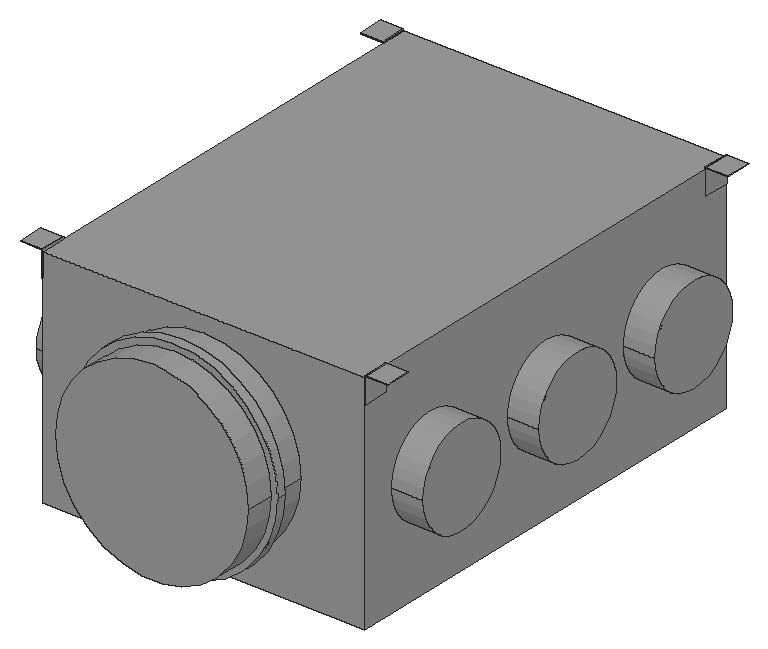
Revit family "SA_FASU(F6-150 300Φ)", category ダクト付属品, Revit 2022
Family settings
  丸型コネクタ寸法 = 直径を使用
  パーツ タイプ = ダンパー
  OmniClass 番号 = 23.75.00.00
  OmniClass タイトル = Climate Control (HVAC)
  作業面ベース = いいえ
  常に垂直 = はい
  ロード時にボイドで切り取り = いいえ
  共有 = いいえ
Parameters
  高さ = 350 mm
  風量 = 0.0 L/s
  符号 = "FASU"
  形式 = "F6-150 300φ"
  幅 [instance] = 500 mm
  奥行き = 700 mm
  大きさ = 250 mm
  呼称 = "FASUチャンバー"
  付属品_下端レベル [instance] = 0 mm
  マテリアル [instance] = 既定値
  ダクト_イン = 300 mm
  ダクト_アウト = 150 mm
  既定の高さ = 0 mm
Reference planes
  plane 1 "中心(正面/背面)": y = 0
  plane 2: z = 0
  plane 3 "中心(左/右)": x = 0
  plane 4: x = -250
  plane 5: x = 250
  plane 6: y = -700
  plane 7: z = 350
  plane 8: z = 175
  plane 9: z = 266.963
  plane 10: z = 86.159
  plane 11: x = -251
  plane 12: z = 313.122
  plane 13: z = 352.122
  plane 14: y = -350
Forms (mm)
  Extrusion 1, solid, material "既定値" <- "マテリアル"
    sketch origin (0, 0, 0) x (1, 0, 0) y (0, 1, 0)
      loop
        line (-250, 0) -> (-250, -700) -> (250, -700) -> (250, 0) -> (-250, 0)
    from 0 to 350
  Extrusion 2, solid, material "既定値" <- "マテリアル"
    sketch origin (0, -30, 0) x (1, 0, 0) y (0, 1, 0)
      loop
        line (-250, 30) -> (-251, 30) -> (-251, -10) -> (-250, -10) -> (-250, 30)
    from 313.122 to 350
  Extrusion 3, solid, material "既定値" <- "マテリアル"
    sketch origin (0, -30, 0) x (1, 0, 0) y (0, 1, 0)
      loop
        line (-285, 30) -> (-285, -10) -> (-251, -10) -> (-251, 30) -> (-285, 30)
    from 352.122 to 350
  Extrusion 4, solid, material "既定値" <- "マテリアル"
    sketch origin (0, -30, 0) x (-1, 0, 0) y (0, -1, 0)
      loop
        line (-250, -30) -> (-250, 10) -> (-251, 10) -> (-251, -30) -> (-250, -30)
    from 313.122 to 353.122
  Extrusion 5, solid, material "既定値" <- "マテリアル"
    sketch origin (0, -30, 0) x (-1, 0, 0) y (0, -1, 0)
      loop
        line (-285, -30) -> (-251, -30) -> (-251, 10) -> (-285, 10) -> (-285, -30)
    from 352.122 to 353.122
  Extrusion 6, solid, material "既定値" <- "マテリアル"
    sketch origin (0, -490, 0) x (1, 0, 0) y (0, 1, 0)
      loop
        line (-285, -170) -> (-285, -210) -> (-251, -210) -> (-251, -170) -> (-285, -170)
    from 352.122 to 353.122
  Extrusion 7, solid, material "既定値" <- "マテリアル"
    sketch origin (0, -490, 0) x (1, 0, 0) y (0, 1, 0)
      loop
        line (-250, -170) -> (-251, -170) -> (-251, -210) -> (-250, -210) -> (-250, -170)
    from 313.122 to 353.122
  Extrusion 8, solid, material "既定値" <- "マテリアル"
    sketch origin (0, -490, 0) x (-1, 0, 0) y (0, -1, 0)
      loop
        line (-285, 170) -> (-251, 170) -> (-251, 210) -> (-285, 210) -> (-285, 170)
    from 352.122 to 353.122
  Extrusion 9, solid, material "既定値" <- "マテリアル"
    sketch origin (0, -490, 0) x (-1, 0, 0) y (0, -1, 0)
      loop
        line (-250, 170) -> (-250, 210) -> (-251, 210) -> (-251, 170) -> (-250, 170)
    from 313.122 to 353.122
  Extrusion 10, solid, material "既定値" <- "マテリアル"
    sketch origin (550, -582.5, 0) x (0, -1, 0) y (0, 0, -1)
      loop
        circle (-232.5, -175) r 74.985
    from -300 to -250
  Extrusion 11, solid, material "既定値" <- "マテリアル"
    sketch origin (-550, -582.5, 0) x (0, -1, 0) y (0, 0, 1)
      loop
        circle (-232.5, 175) r 74.985
    from -300 to -250
  Extrusion 12, solid, material "既定値" <- "マテリアル"
    sketch origin (0, -700, 0) x (1, 0, 0) y (0, 0, 1)
      loop
        circle (0, 175) r 150
    from 0 to 42.5
  Extrusion 13, solid, material "既定値" <- "マテリアル"
    sketch origin (0, -743, 0) x (1, 0, 0) y (0, 0, 1)
      loop
        circle (0, 175) r 160
    from -0.5 to 14.5
  Extrusion 14, solid, material "既定値" <- "マテリアル"
    sketch origin (0, -757.5, 0) x (1, 0, 0) y (0, 0, 1)
      loop
        circle (0, 175) r 150
    from 0 to 42.5
  Extrusion 15, solid, material "既定値" <- "マテリアル"
    sketch origin (550, -357.5, 0) x (0, -1, 0) y (0, 0, -1)
      loop
        circle (-232.5, -175) r 74.985
    from -300 to -250
  Extrusion 16, solid, material "既定値" <- "マテリアル"
    sketch origin (-550, -357.5, 0) x (0, -1, 0) y (0, 0, 1)
      loop
        circle (-232.5, 175) r 74.985
    from -300 to -250
  Extrusion 17, solid, material "既定値" <- "マテリアル"
    sketch origin (550, -142.5, 0) x (0, 1, 0) y (0, 0, 1)
      loop
        circle (-432.5, 175) r 74.985
    from -300 to -250
  Extrusion 18, solid, material "既定値" <- "マテリアル"
    sketch origin (0, -142.5, 0) x (0, 1, 0) y (0, 0, 1)
      loop
        circle (-432.5, 175) r 74.985
    from -300 to -250
Lines and regions (mm)
  model lines
    curve 1: line (-250, -30, 0) -> (250, -30, 0)
    curve 2: line (-250, -670, 0) -> (250, -670, 0)
Text (mm)
  text "FASU(F6-150 300Φ)" at (3.713, -630.412, 0), in view "参照レベル"
Dimensions and locks
  equal spacing: plane 4, plane 3 "中心(左/右)", plane 5
  "幅": plane 4 to plane 5
  "奥行き": plane 6 to plane 1 "中心(正面/背面)"
  "高さ": plane 7 to level
  equal spacing: plane 7, plane 8, level
  equal spacing: plane 6, plane 14, plane 1 "中心(正面/背面)"
  aligned and locked: level to plane 2
  aligned and locked: Extrusion 1 sketch curve to plane 5
  aligned and locked: plane 7 to Extrusion 1
  aligned and locked: Extrusion 2 sketch curve to Extrusion 1
  aligned and locked: plane 7 to Extrusion 2
  aligned and locked: Extrusion 3 sketch curve to Extrusion 2
  aligned and locked: Extrusion 2 to Extrusion 3 sketch curve
  aligned and locked: plane 7 to Extrusion 3
  aligned and locked: Extrusion 3 to plane 13
  aligned and locked: Extrusion 4 to Extrusion 5 sketch curve
  aligned and locked: Extrusion 5 sketch curve to Extrusion 4
  aligned and locked: Extrusion 1 to Extrusion 8
  aligned and locked: Extrusion 6 to Extrusion 1
  aligned and locked: Extrusion 7 to Extrusion 1
  aligned and locked: Extrusion 1 to Extrusion 9
  aligned and locked: Extrusion 9 to Extrusion 8
  aligned and locked: Extrusion 7 to Extrusion 6
  aligned and locked: plane 4 to Extrusion 7
  aligned and locked: Extrusion 9 to plane 5
  aligned and locked: plane 4 to curve 1
  aligned and locked: plane 5 to curve 1
  aligned and locked: plane 5 to curve 2
  aligned and locked: Extrusion 1 to Extrusion 3
  aligned and locked: Extrusion 5 to Extrusion 1
  aligned and locked: Extrusion 4 to plane 5
  aligned and locked: Extrusion 1 to plane 6
  aligned and locked: Extrusion 1 to plane 1 "中心(正面/背面)"
  aligned and locked: plane 6 to Extrusion 12
  aligned and locked: Extrusion 15 to plane 5
  aligned and locked: plane 4 to Extrusion 16
  aligned and locked: Extrusion 17 to plane 5
  aligned and locked: plane 4 to Extrusion 18
Automatic sketch dimensions
  curve 2 to plane 4 = 0 mm
  plane 6 to curve 2 = 30 mm
  plane 1 "中心(正面/背面)" to curve 1 = 30 mm
  Extrusion 1 sketch curve to plane 4 = 0 mm
  Extrusion 1 sketch curve to plane 6 = 0 mm
  plane 1 "中心(正面/背面)" to Extrusion 1 sketch curve = 0 mm
  plane 1 "中心(正面/背面)" to Extrusion 2 sketch curve = 0 mm
  Extrusion 2 sketch curve to plane 11 = 0 mm
  Extrusion 2 sketch curve to Extrusion 2 sketch curve = 40 mm
  plane 1 "中心(正面/背面)" to Extrusion 3 sketch curve = 0 mm
  Extrusion 3 sketch curve to Extrusion 3 sketch curve = 34 mm
  plane 1 "中心(正面/背面)" to Extrusion 4 sketch curve = 0 mm
  Extrusion 4 sketch curve to plane 5 = 0 mm
  Extrusion 4 sketch curve to Extrusion 4 sketch curve = 1 mm
  Extrusion 4 sketch curve to Extrusion 4 sketch curve = 40 mm
  plane 1 "中心(正面/背面)" to Extrusion 5 sketch curve = 0 mm
  Extrusion 5 sketch curve to Extrusion 5 sketch curve = 34 mm
  Extrusion 6 sketch curve to plane 6 = 0 mm
  Extrusion 6 sketch curve to plane 11 = 0 mm
  Extrusion 6 sketch curve to plane 11 = 34 mm
  plane 6 to Extrusion 6 sketch curve = 40 mm
  Extrusion 7 sketch curve to plane 11 = 0 mm
  Extrusion 7 sketch curve to plane 4 = 0 mm
  Extrusion 7 sketch curve to plane 6 = 0 mm
  plane 6 to Extrusion 7 sketch curve = 40 mm
  Extrusion 8 sketch curve to plane 6 = 0 mm
  Extrusion 8 sketch curve to plane 5 = 35 mm
  Extrusion 8 sketch curve to plane 5 = 1 mm
  Extrusion 8 sketch curve to Extrusion 8 sketch curve = 40 mm
  Extrusion 9 sketch curve to plane 6 = 0 mm
  Extrusion 9 sketch curve to plane 5 = 0 mm
  Extrusion 9 sketch curve to Extrusion 9 sketch curve = 1 mm
  Extrusion 9 sketch curve to Extrusion 9 sketch curve = 40 mm
  Extrusion 10 sketch curve to plane 8 = 0 mm
  Extrusion 10 sketch curve to plane 14 = 0 mm
  Extrusion 11 sketch curve to plane 8 = 0 mm
  Extrusion 11 sketch curve to plane 14 = 0 mm
  Extrusion 12 sketch curve to plane 3 "中心(左/右)" = 0 mm
  Extrusion 12 sketch curve to plane 8 = 0 mm
  Extrusion 13 sketch curve to plane 3 "中心(左/右)" = 0 mm
  Extrusion 13 sketch curve to plane 8 = 0 mm
  Extrusion 14 sketch curve to plane 3 "中心(左/右)" = 0 mm
  Extrusion 14 sketch curve to plane 8 = 0 mm
  Extrusion 15 sketch curve to plane 8 = 0 mm
  plane 1 "中心(正面/背面)" to Extrusion 15 sketch curve = 125 mm
  Extrusion 16 sketch curve to plane 8 = 0 mm
  plane 1 "中心(正面/背面)" to Extrusion 16 sketch curve = 125 mm
  Extrusion 17 sketch curve to plane 8 = 0 mm
  plane 6 to Extrusion 17 sketch curve = 125 mm
  Extrusion 18 sketch curve to plane 8 = 0 mm
  plane 6 to Extrusion 18 sketch curve = 125 mm
  radius of Extrusion 10 sketch curve = 74.985 mm
  radius of Extrusion 11 sketch curve = 74.985 mm
  radius of Extrusion 12 sketch curve = 150 mm
  radius of Extrusion 13 sketch curve = 160 mm
  radius of Extrusion 14 sketch curve = 150 mm
  radius of Extrusion 15 sketch curve = 74.985 mm
  radius of Extrusion 16 sketch curve = 74.985 mm
  radius of Extrusion 17 sketch curve = 74.985 mm
  radius of Extrusion 18 sketch curve = 74.985 mm
Connectors
  hvac at (-300, -575, 175), driven by "ダクト_アウト"
    settings: on Extrusion 18, index 1, duct flow 0.0 L/s, flow factor 0, pres drop 0.0 Pa, loss coef 0, conn angle 0.00°, conn width 304.8 mm, conn height 304.8 mm, conn diameter 150 mm, duct sys type 29, conn prof type 0, flow config 0, flow direction 2, loss method 0, conn ref index -1, conn util no, is conn primary yes, conn desc ""
  hvac at (-300, -350, 175), driven by "ダクト_アウト"
    settings: on Extrusion 11, index 2, duct flow 0.0 L/s, flow factor 0, pres drop 0.0 Pa, loss coef 0, conn angle 0.00°, conn width 304.8 mm, conn height 304.8 mm, conn diameter 150 mm, duct sys type 29, conn prof type 0, flow config 0, flow direction 2, loss method 0, conn ref index -1, conn util no, is conn primary no, conn desc ""
  hvac at (-300, -125, 175), driven by "ダクト_アウト"
    settings: on Extrusion 16, index 3, duct flow 0.0 L/s, flow factor 0, pres drop 0.0 Pa, loss coef 0, conn angle 0.00°, conn width 304.8 mm, conn height 304.8 mm, conn diameter 150 mm, duct sys type 29, conn prof type 0, flow config 0, flow direction 2, loss method 0, conn ref index -1, conn util no, is conn primary no, conn desc ""
  hvac at (300, -575, 175), driven by "ダクト_アウト"
    settings: on Extrusion 17, index 4, duct flow 0.0 L/s, flow factor 0, pres drop 0.0 Pa, loss coef 0, conn angle 0.00°, conn width 304.8 mm, conn height 304.8 mm, conn diameter 150 mm, duct sys type 29, conn prof type 0, flow config 0, flow direction 2, loss method 0, conn ref index -1, conn util no, is conn primary no, conn desc ""
  hvac at (300, -350, 175), driven by "ダクト_アウト"
    settings: on Extrusion 10, index 5, duct flow 0.0 L/s, flow factor 0, pres drop 0.0 Pa, loss coef 0, conn angle 0.00°, conn width 304.8 mm, conn height 304.8 mm, conn diameter 150 mm, duct sys type 29, conn prof type 0, flow config 0, flow direction 2, loss method 0, conn ref index -1, conn util no, is conn primary no, conn desc ""
  hvac at (300, -125, 175), driven by "ダクト_アウト"
    settings: on Extrusion 15, index 6, duct flow 0.0 L/s, flow factor 0, pres drop 0.0 Pa, loss coef 0, conn angle 0.00°, conn width 304.8 mm, conn height 304.8 mm, conn diameter 150 mm, duct sys type 29, conn prof type 0, flow config 0, flow direction 2, loss method 0, conn ref index -1, conn util no, is conn primary no, conn desc ""
  hvac at (0, -800, 175), driven by "ダクト_イン"
    settings: on Extrusion 14, index 7, duct flow 0.0 L/s, flow factor 0, pres drop 0.0 Pa, loss coef 0, conn angle 0.00°, conn width 304.8 mm, conn height 304.8 mm, conn diameter 300 mm, duct sys type 29, conn prof type 0, flow config 0, flow direction 1, loss method 0, conn ref index -1, conn util no, is conn primary no, conn desc ""
